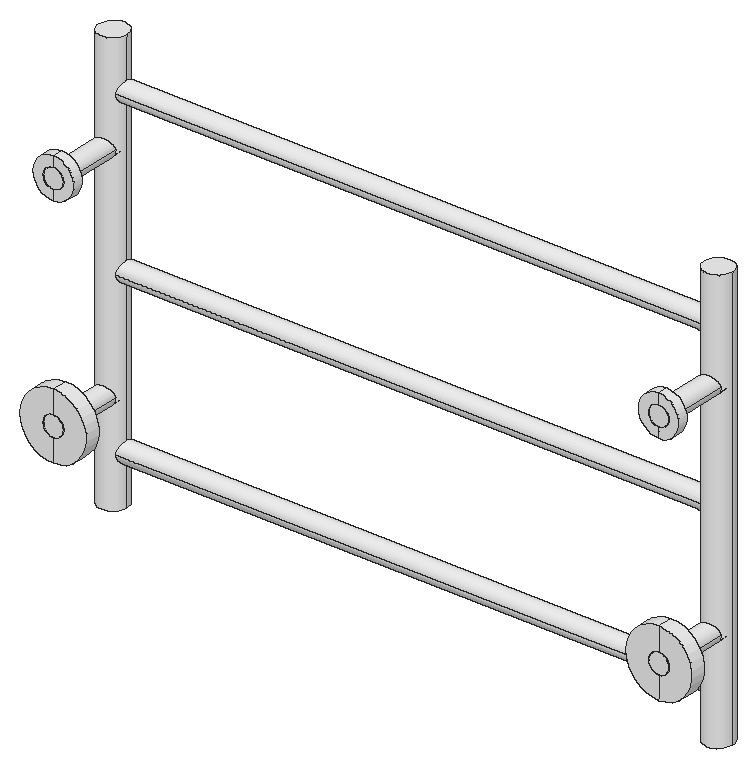
Revit family "LS-3", category Generic Models, host Wall, Revit 2017
Family settings
  Host = Wall
  Can host rebar = No
  Round Connector Dimension = Use Diameter
  Part Type = Normal
  Always vertical = Yes
  Cut with Voids When Loaded = No
  Shared = No
  Room Calculation Point = No
Parameters (values of type "600")
  URL = "http://www.sentakia.com/vesikiertoiset-pyyhekuivaimet/"
  Teho = "kromi: 63 W maalattu: 81 W"
  Sentakia_Material_Default = Steel Chrome plated_sentakia
  RAL-väri [instance] = no
  RAL-koodi [instance] = ""
  Model = "LS-3/600"
  Manufacturer = "Sentakia Oy"
  Leveys = 600 mm
  LVI = "5489955"
  Keynote = "6120"
  Kenkäkoukkupari [instance] = no
  Height = 420 mm  # constant formula
  ELO-600 kromi [instance] = no
  EAN = "4770046007405"
  Depth = 88 mm  # constant formula
  Assembly Code = ""
  2-osainen koukku pitkä [instance] = no
  2-osainen koukku lyhyt [instance] = no
Types (3, lengths in mm): name | URL | Teho | Model | Leveys | LVI | EAN
  350 | "http://www.sentakia.com/tuote/ls-3-350-kromi/" | "kromi: 52 W maalattu: 67 W" | "LS-3/350" | 350 | "5489953" | "4770046007382"
  500 | "http://www.sentakia.com/vesikiertoiset-pyyhekuivaimet/" | "kromi: 61 W maalattu: 79 W" | "LS-3/500" | 500 | "5489954" | "4770046007399"
  600 | "http://www.sentakia.com/vesikiertoiset-pyyhekuivaimet/" | "kromi: 63 W maalattu: 81 W" | "LS-3/600" | 600 | "5489955" | "4770046007405"
Reference planes
  plane 1 "Wall": y = 0
  plane 2 "Center (Left/Right)": x = 125
  plane 3 "Back": y = 75
  plane 4: z = 1900
  plane 5: z = 1480
  plane 6: y = 163
  plane 7: y = 135
  plane 8 "Center of lower handler": z = 1580
  plane 9: z = 1800
  plane 10: z = 1790
  plane 11: z = 1590
  plane 12: z = 1570
  plane 13 "r": x = 425
  plane 14 "l": x = -175
  plane 15: y = 149
  plane 16: y = 159
  plane 17: y = 139
  plane 18: z = 1850
  plane 19: z = 1690
  plane 20: z = 1530
Forms (mm)
  Extrusion 1, solid, material "Steel Chrome plated_sentakia" <- "Sentakia_Material_Default", detail levels medium+fine
    sketch origin (0, 0, 0) x (1, 0, 0) y (0, 0, 1)
      loop
        circle (425, 1580) r 10
    from -149 to -75
  Extrusion 2, solid, material "Steel Chrome plated_sentakia" <- "Sentakia_Material_Default", detail levels medium+fine
    sketch origin (0, 0, 0) x (1, 0, 0) y (0, 0, 1)
      loop
        circle (-175, 1580) r 10
    from -149 to -75
  Extrusion 3, solid, material "Steel Chrome plated_sentakia" <- "Sentakia_Material_Default", detail levels medium+fine
    sketch origin (0, 0, 310) x (1, 0, 0) y (0, 0, 1)
      loop
        circle (-175, 1490) r 10
    from -149 to -75
  Extrusion 4, solid, material "Steel Chrome plated_sentakia" <- "Sentakia_Material_Default", detail levels medium+fine
    sketch origin (0, 0, 0) x (1, 0, 0) y (0, 1, 0)
      loop
        circle (-175, 149) r 14
    from 1480 to 1900
  Extrusion 5, solid, material "Steel Chrome plated_sentakia" <- "Sentakia_Material_Default", detail levels medium+fine
    sketch origin (0, 0, 0) x (1, 0, 0) y (0, 1, 0)
      loop
        circle (425, 149) r 14
    from 1480 to 1900
  Revolve 6, solid, material "Steel Chrome plated_sentakia" <- "Sentakia_Material_Default", detail levels medium+fine
    sketch origin (425, 0, 0) x (0, 0, 1) y (0, 1, 0)
      loop
        line (1590, 75.434) -> (1613, 75.434) -> (1613, 90.434) -> (1590, 100.434) -> (1590, 75.434)
      axis (1580, 75.434) -> (1580, 100.434)
    angle from 0 to 360
  Revolve 7, solid, material "Steel Chrome plated_sentakia" <- "Sentakia_Material_Default", detail levels medium+fine
    sketch origin (-175, 0, 0) x (0, 0, 1) y (0, 1, 0)
      loop
        line (1590, 75) -> (1613, 75) -> (1613, 90) -> (1590, 100) -> (1590, 75)
      axis (1580, 75) -> (1580, 100)
    angle from 0 to 360
  Extrusion 8, solid, material "Steel Chrome plated_sentakia" <- "Sentakia_Material_Default", detail levels medium+fine
    sketch origin (125, 0, 0) x (0, 1, 0) y (0, 0, 1)
      loop
        circle (149, 1850) r 10
    from -300 to 300
  Extrusion 9, solid, material "Steel Chrome plated_sentakia" <- "Sentakia_Material_Default", detail levels medium+fine
    sketch origin (125, 0, -160) x (0, 1, 0) y (0, 0, 1)
      loop
        circle (149, 1850) r 10
    from -300 to 300
  Extrusion 10, solid, material "Steel Chrome plated_sentakia" <- "Sentakia_Material_Default", detail levels medium+fine
    sketch origin (125, 0, -320) x (0, 1, 0) y (0, 0, 1)
      loop
        circle (149, 1850) r 10
    from -300 to 300
  Revolve 11, solid, material "Steel Chrome plated_sentakia" <- "Sentakia_Material_Default", detail levels medium+fine
    sketch origin (425, 0, 0) x (0, 0, 1) y (0, 1, 0)
      loop
        line (1810, 75) -> (1820, 75) -> (1820, 85) -> (1810, 85) -> (1810, 75)
      axis (1800, 75) -> (1800, 85)
    angle from 0 to 360
  Revolve 12, solid, material "Steel Chrome plated_sentakia" <- "Sentakia_Material_Default", detail levels medium+fine
    sketch origin (-175, 0, 0) x (0, 0, 1) y (0, 1, 0)
      loop
        line (1810, 75) -> (1820, 75) -> (1820, 85) -> (1810, 85) -> (1810, 75)
      axis (1800, 75) -> (1800, 85)
    angle from 0 to 360
  Extrusion 13, solid, material "Steel Chrome plated_sentakia" <- "Sentakia_Material_Default", detail levels medium+fine
    sketch origin (0, 0, 0) x (1, 0, 0) y (0, 0, 1)
      loop
        circle (425, 1800) r 10
    from -149 to -75
  Extrusion 14, solid, material "Steel Chrome plated_sentakia" <- "Sentakia_Material_Default", detail levels coarse
    sketch origin (125, 0, 0) x (0, 1, 0) y (0, 0, 1)
      loop
        line (163, 1900) -> (75, 1900) -> (75, 1480) -> (163, 1480) -> (163, 1900)
    from -300 to 300
Cuts and joins
  joined: Extrusion 4, Extrusion 5, Extrusion 8, Extrusion 9, Extrusion 10
Text (mm)
  text "Placement Side" at (-1848.837, 1116.779, 0), in view "Ref. Level"
  text "Placement side" at (0, 1409.804, 2854.306), in view "Left"
  text "Placement side" at (0, 499.811, 2980.732), in view "Right"
Dimensions and locks
  locked: plane 3 "Back" to host wall
  "Depth": plane 6 to host wall
  locked: plane 6 to plane 7 at 28
  "Leveys": plane 14 "l" to plane 13 "r"
  plane 9 to level = 1800 mm
  locked: host wall to plane 15 at 74
  locked: plane 16 to plane 17 at 20
  plane 5 to plane 8 "Center of lower handler" = 100 mm
  plane 4 to plane 9 = 100 mm
  equal spacing: plane 9, plane 19, plane 8 "Center of lower handler"
  equal spacing: plane 14 "l", plane 2 "Center (Left/Right)", plane 13 "r"
  "Height": plane 5 to plane 4
  locked: plane 9 to plane 4 at 100
  locked: plane 5 to plane 8 "Center of lower handler" at 100
  aligned and locked: plane 1 "Wall" to host wall
  aligned and locked: Extrusion 1 to host wall
  aligned and locked: Extrusion 2 to host wall
  aligned and locked: Extrusion 3 to host wall
  aligned and locked: Extrusion 2 to plane 15
  aligned and locked: Extrusion 1 to Extrusion 2
  aligned and locked: plane 4 to Extrusion 4
  aligned and locked: Extrusion 4 to plane 5
  aligned and locked: plane 4 to Extrusion 5
  aligned and locked: Extrusion 5 to plane 5
  aligned and locked: plane 14 "l" to Extrusion 8
  aligned and locked: Extrusion 8 to plane 13 "r"
  aligned and locked: Extrusion 10 to plane 13 "r"
  aligned and locked: plane 14 "l" to Extrusion 10
  aligned and locked: Extrusion 9 to plane 13 "r"
  aligned and locked: plane 14 "l" to Extrusion 9
  aligned and locked: Revolve 11 sketch curve to plane 9
  aligned and locked: Revolve 12 sketch curve to plane 9
  aligned and locked: Extrusion 13 to host wall
  aligned and locked: plane 14 "l" to Extrusion 3 sketch curve
  aligned and locked: plane 8 "Center of lower handler" to Revolve 7 sketch curve
  aligned and locked: Revolve 6 sketch curve to plane 8 "Center of lower handler"
  aligned and locked: plane 13 "r" to Extrusion 13 sketch curve
  aligned and locked: plane 9 to Extrusion 13 sketch curve
  aligned and locked: Extrusion 3 to Extrusion 13
  aligned and locked: Extrusion 13 to plane 15
  aligned and locked: plane 3 "Back" to Revolve 7
  aligned and locked: Extrusion 14 sketch curve to cut or joined group of Extrusion 4, Extrusion 5, Extrusion 8, Extrusion 9, Extrusion 10
  aligned and locked: Extrusion 14 sketch curve to plane 6
  aligned and locked: Extrusion 14 sketch curve to plane 5
  aligned and locked: Extrusion 14 sketch curve to host wall
  aligned and locked: Extrusion 14 to plane 13 "r"
  aligned and locked: plane 14 "l" to Extrusion 14
Automatic sketch dimensions
  Extrusion 1 sketch curve to plane 8 "Center of lower handler" = 0 mm
  plane 13 "r" to Extrusion 1 sketch curve = 0 mm
  Extrusion 2 sketch curve to plane 8 "Center of lower handler" = 0 mm
  plane 14 "l" to Extrusion 2 sketch curve = 0 mm
  Extrusion 4 sketch curve to plane 14 "l" = 0 mm
  plane 15 to Extrusion 4 sketch curve = 0 mm
  Extrusion 5 sketch curve to plane 13 "r" = 0 mm
  plane 15 to Extrusion 5 sketch curve = 0 mm
  Extrusion 8 sketch curve to plane 15 = 0 mm
  Extrusion 8 sketch curve to plane 18 = 0 mm
  Extrusion 9 sketch curve to plane 15 = 0 mm
  Extrusion 9 sketch curve to plane 19 = 0 mm
  Extrusion 10 sketch curve to plane 15 = 0 mm
  plane 20 to Extrusion 10 sketch curve = 0 mm
  Extrusion 3 sketch curve to plane 9 = 0 mm
  Revolve 12 sketch curve to host wall = 0 mm  (x2)
  Revolve 12 sketch curve to Revolve 12 sketch curve = 10 mm  (x2)
  host wall to Revolve 12 sketch curve = 10 mm
  plane 7 to Revolve 12 sketch curve = 20 mm
  Revolve 11 sketch curve to host wall = 0 mm  (x2)
  plane 9 to Revolve 11 sketch curve = 10 mm
  Revolve 11 sketch curve to Revolve 11 sketch curve = 10 mm
  host wall to Revolve 11 sketch curve = 10 mm
  plane 7 to Revolve 11 sketch curve = 20 mm
  Revolve 7 sketch curve to plane 11 = 0 mm
  Revolve 7 sketch curve to host wall = 0 mm
  plane 11 to Revolve 7 sketch curve = 23 mm
  Revolve 7 sketch curve to Revolve 7 sketch curve = 15 mm
  Revolve 7 sketch curve to host wall = 0.781 mm
  Revolve 7 sketch curve to Revolve 7 sketch curve = 25 mm
  plane 7 to Revolve 7 sketch curve = 13.43 mm
  Revolve 6 sketch curve to plane 11 = 0 mm
  plane 11 to Revolve 6 sketch curve = 23 mm
  host wall to Revolve 6 sketch curve = 0.434 mm
  Revolve 6 sketch curve to Revolve 6 sketch curve = 15 mm
  Revolve 6 sketch curve to host wall = 0.781 mm
  Revolve 6 sketch curve to Revolve 6 sketch curve = 25 mm
  plane 7 to Revolve 6 sketch curve = 13.43 mm
  radius of Extrusion 1 sketch curve = 10 mm
  radius of Extrusion 2 sketch curve = 10 mm
  radius of Extrusion 4 sketch curve = 14 mm
  radius of Extrusion 5 sketch curve = 14 mm
  radius of Extrusion 8 sketch curve = 10 mm
  radius of Extrusion 9 sketch curve = 10 mm
  radius of Extrusion 10 sketch curve = 10 mm
  radius of Extrusion 3 sketch curve = 10 mm
  radius of Extrusion 13 sketch curve = 10 mm
Connectors
  piping at (425, 75, 1580), diameter 12
    settings: on Extrusion 1, index 1, connector inside diameter 609.6 mm, connector length 0 mm, flow factor 0, pipe flow 0.0 L/s, pressure drop 0.0 Pa, fitting loss kfactor 0, connector angle 0.00°, fixture units 0, engagement length 0 mm, angle of deflection 0.00°, flow configuration 0, flow direction 0, fitting loss method 0, system type 22, joint type 0, gender type 0, connector reference index -1, connector utility 0, adjustable connector no, is connector primary yes, connector description ""
  piping at (425, 75, 1580), diameter 12
    settings: on Extrusion 1, index 2, connector inside diameter 609.6 mm, connector length 0 mm, flow factor 0, pipe flow 0.0 L/s, pressure drop 0.0 Pa, fitting loss kfactor 0, connector angle 0.00°, fixture units 0, engagement length 0 mm, angle of deflection 0.00°, flow configuration 0, flow direction 0, fitting loss method 0, system type 22, joint type 0, gender type 0, connector reference index -1, connector utility 0, adjustable connector no, is connector primary no, connector description ""
  piping at (-175, 75, 1580), diameter 12
    settings: on Extrusion 2, index 3, connector inside diameter 609.6 mm, connector length 0 mm, flow factor 0, pipe flow 0.0 L/s, pressure drop 0.0 Pa, fitting loss kfactor 0, connector angle 0.00°, fixture units 0, engagement length 0 mm, angle of deflection 0.00°, flow configuration 0, flow direction 0, fitting loss method 0, system type 22, joint type 0, gender type 0, connector reference index -1, connector utility 0, adjustable connector no, is connector primary no, connector description ""
